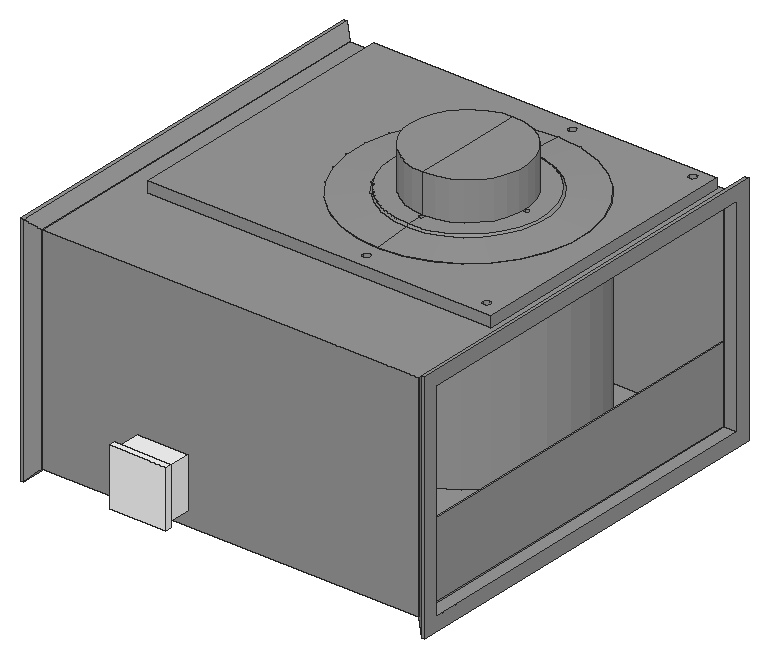
Revit family "RKB 600X350 E3 EC_7480104", category Mechanical Equipment, Revit 2014
Parameters (values of type "RBK 600X350 E3 EC")
  Wiring diagram = "4040147"
  Width = 642 mm
  Weight = 30.20 kg
  Voltage range = "380-480 V"
  Voltage = 400 V
  Speed = "2500 rpm"
  Sound pressure level at 3 m = "70 dB(A)"
  Power = 1220 W
  Phase = 3
  Max. temperature of transported air when speed controlled = 60 °C
  Max. temperature of transported air = 60 °C
  Main Material = Steel, Galvanized
  Height = 441 mm
  Frequency = 50 Hz
  Elevation [instance] = 2600 mm
  Description = "UNINSULATED DUCT FANS WITH RECTANGULAR CONNECTIONS"
  Depth = 643 mm
  Current = 1.91 A
  Connector Height = 350 mm
  Connector Width = 600 mm
  Capacitor = "- μF"
Reference planes
  plane 1 "Center (Front/Back)": y = 0
  plane 2: z = 0
  plane 3 "Center (Left/Right)": x = 0
  plane 4: x = -321
  plane 5: x = 321
  plane 6: y = 321.5
  plane 7: y = -321.5
  plane 8: z = 2600
  plane 9: z = 3041
Dimensions and locks
  equal spacing: plane 4, plane 3 "Center (Left/Right)", plane 5
  "Width": plane 4 to plane 5
  equal spacing: plane 6, plane 1 "Center (Front/Back)", plane 7
  "Depth": plane 6 to plane 7
  "Elevation": plane 8 to level
  "Height": plane 9 to plane 8
  aligned and locked: level to plane 2
  aligned and locked: nested 1 to plane 1 "Center (Front/Back)"
  aligned and locked: plane 1 "Center (Front/Back)" to nested 2
  aligned and locked: plane 3 "Center (Left/Right)" to nested 2
  aligned and locked: nested 2 to plane 8
  aligned and locked: plane 3 "Center (Left/Right)" to nested 1
Nested families
  nested 1: "Flow direction symbol" at (0, 0, 0), type "Flow direction symbol"
  nested 2: "RKB" at (0, 0, 2600), type "RKB"
Connectors
  electrical at (-107.218, -355.269, 2679), driven by "Phase", driven by "Voltage", driven by "Power"
    settings: on nested 2, index 3, voltage 400 V, apparent load 0 VA, apparent load phase1 1220 VA, apparent load phase2 0 VA, apparent load phase3 0 VA, power factor 1, load classification "HVAC", number of poles 3, system type 31, power factor state 1, is connector primary yes, connector utility no, sub classification motor no, connector description ""
  hvac at (-321, 0, 2786.5), driven by "Connector Height", driven by "Connector Width"
    settings: on nested 2, index 4, duct flow 0.0 L/s, flow factor 0, pres drop 0.0 Pa, loss coef 0, conn angle 0.00°, conn width 600 mm, conn height 350 mm, conn diameter 609.6 mm, duct sys type 1, conn prof type 1, flow config 0, flow direction 1, loss method 0, conn ref index -1, conn util no, is conn primary yes, conn desc ""
  hvac at (299.769, 0, 2786.5), driven by "Connector Height", driven by "Connector Width"
    settings: on nested 2, index 5, duct flow 0.0 L/s, flow factor 0, pres drop 0.0 Pa, loss coef 0, conn angle 0.00°, conn width 600 mm, conn height 350 mm, conn diameter 609.6 mm, duct sys type 3, conn prof type 1, flow config 0, flow direction 2, loss method 0, conn ref index -1, conn util no, is conn primary no, conn desc ""
Definition of nested family "RKB"
  Parameters (values of type "RKB")
    Width = 642 mm
    Main Material = Steel, Galvanized
    Height = 441 mm
    Description = ""
    Depth = 643 mm
    Connector Width = 600 mm
    Connector Heigth = 350 mm
  Reference planes
    plane 1 "Center (Front/Back)": y = 0
    plane 2: z = 0
    plane 3 "Center (Left/Right)": x = 0
    plane 4: x = -321
    plane 5: x = 321
    plane 6: y = 321.5
    plane 7: y = -321.5
    plane 8: z = 373
    plane 9: z = 119
    plane 10: x = -107.218
    plane 11: z = 186.5
    plane 12: z = 361.5
    plane 13: z = 11.5
    plane 14: y = 300
    plane 15: y = -300
    plane 16: z = 61.5
    plane 17: y = 24.017
    plane 18: z = 441
    plane 19: x = 71.904
    plane 20: y = 76.712
  Forms (mm)
    Sweep 1, solid, material "Steel, Galvanized" <- "Main Material", detail levels medium+fine
      path origin (-321, 864.407, 1200) x (0, 1, 0) y (0, 0, 1)
        loop
          line (-542.907, -1200) -> (-542.907, -827) -> (-1185.907, -827) -> (-1185.907, -1200) -> (-542.907, -1200)
      profile origin (-321, 321.5, 186.5) x (0, -1, 0) y (1, 0, 0)
        loop
          line (22.203, 21.231) -> (16.231, 21.231) -> (0, 5) -> (0, 0) -> (22.203, 0) -> (22.203, 21.231)
    Sweep 2, solid, material "Steel, Galvanized" <- "Main Material", detail levels medium+fine
      path origin (321, 864.407, 1200) x (0, 1, 0) y (0, 0, 1)
        loop
          line (-542.907, -1200) -> (-542.907, -827) -> (-1185.907, -827) -> (-1185.907, -1200) -> (-542.907, -1200)
      profile origin (321, 321.5, 186.5) x (0, -1, 0) y (1, 0, 0)
        loop
          line (22.203, -21.231) -> (22.203, 0) -> (0, 0) -> (0, -5) -> (16.231, -21.231) -> (22.203, -21.231)
    Revolve 3, solid, material "Steel, Galvanized" <- "Main Material", detail levels medium+fine
      sketch origin (71.904, 56.739, 1332.69) x (0, -1, 0) y (0, 0, 1)
        loop
          line (-19.973, -1281.823) -> (-19.973, -891.69) -> (-109.466, -891.69) -> (-109.466, -952.69) -> (-138.798, -952.69) -> (-141.725, -955.617) -> (-199.973, -959.69) -> (-199.973, -1281.823) -> (-19.973, -1281.823)
        axis (-19.973, -891.69) -> (-19.973, -1281.823)
      angle from 0 to 360
    Sweep 4, void
      path origin (43.109, 35, 1200) x (-1, 0, 0) y (0, 0, 1)
        loop
          line (-10.677, -934.203) -> (-10.677, -624.203)
      profile origin (53.785, 35, 420.797) x (1, 0, 0) y (0, 1, 0)
        loop
          circle (211.598, 246.202) r 6
        loop
          circle (20.259, 245.988) r 6
        loop
          circle (19.596, 136.159) r 4
        loop
          circle (19.596, -52.735) r 4
        loop
          circle (112.56, 40.128) r 4
        loop
          circle (-76.322, 40.128) r 4
        loop
          circle (211.598, -162.778) r 6
        loop
          circle (20.259, -162.564) r 6
    Sweep 5, solid, material "Steel, Galvanized" <- "Main Material", detail levels coarse
      path origin (0, 0, 0) x (1, 0, 0) y (0, 1, 0)
        loop
          line (-321, 0) -> (321, 0)
      profile origin (0, 0, 0) x (0, 1, 0) y (0, 0, 1)
        loop
          line (321.5, 441) -> (-321.5, 441) -> (-321.5, 0) -> (321.5, 0) -> (321.5, 441)
    Sweep 6, solid, material "Steel, Galvanized" <- "Main Material", detail levels medium+fine
      path origin (0, 0, 0) x (0, 1, 0) y (0, 0, 1)
        loop
          line (299.297, 22.203) -> (299.297, 142.203)
      profile origin (0, 299.297, 82.203) x (0, -1, 0) y (1, 0, 0)
        loop
          line (0, -299.769) -> (598.595, -299.769) -> (598.595, -296.769) -> (0, -296.769) -> (0, -299.769)
        loop
          line (0, 299.769) -> (0, 296.769) -> (598.595, 296.769) -> (598.595, 299.769) -> (0, 299.769)
    Sweep 7, solid, material "Plastic", detail levels medium+fine
      path origin (0, 0, 78.041) x (1, 0, 0) y (0, 1, 0)
        loop
          line (-107.218, -305.269) -> (-107.218, -345.269)
      profile origin (-107.218, -325.269, 78.041) x (1, 0, 0) y (0, 0, 1)
        loop
          line (-40, 40.959) -> (-40, -39.041) -> (40, -39.041) -> (40, 40.959) -> (-40, 40.959)
    Sweep 8, solid, material "Plastic", detail levels medium+fine
      path origin (0, 0, -12.5) x (1, 0, 0) y (0, 1, 0)
        loop
          line (-107.218, -345.269) -> (-107.218, -355.269)
      profile origin (-107.218, -350.269, -12.5) x (1, 0, 0) y (0, 0, 1)
        loop
          line (-45, 136.5) -> (-45, 46.5) -> (45, 46.5) -> (45, 136.5) -> (-45, 136.5)
    Extrusion 9, solid, material "Steel, Galvanized" <- "Main Material"
      sketch origin (0, 0, 0) x (0, 1, 0) y (0, 0, 1)
        loop
          line (299.297, 373) -> (-150, 373) -> (-150, 356.769) -> (299.297, 356.769) -> (299.297, 373)
      from -256.386 to 289.349
    Extrusion 10, solid, material "Steel, Galvanized" <- "Main Material"
      sketch origin (0, 0, 0) x (0, 1, 0) y (0, 0, 1)
        loop
          line (305.269, 356.769) -> (-305.269, 356.769) -> (-305.269, 16.231) -> (305.269, 16.231) -> (305.269, 356.769)
        loop
          line (299.297, 350.797) -> (-299.297, 350.797) -> (-299.297, 22.203) -> (299.297, 22.203) -> (299.297, 350.797)
      from -299.769 to 299.769
  Cuts and joins
    joined: Sweep 1, Sweep 2
    Sweep 4 cuts Revolve 3
    Sweep 4 cuts Extrusion 9
  Dimensions and locks
    equal spacing: plane 4, plane 3 "Center (Left/Right)", plane 5
    "Width": plane 4 to plane 5
    equal spacing: plane 6, plane 1 "Center (Front/Back)", plane 7
    "Depth": plane 6 to plane 7
    Sweep 4 sketch curve to plane 8 to Sweep 4 sketch curve = 202.797 mm, 107.203 mm
    locked: Sweep 6 sketch curve to plane 2 at 22.203
    Sweep 6 sketch curve to Sweep 6 sketch curve = 120 mm
    locked: plane 6 to Sweep 6 sketch curve at 22.203  (x2)
    locked: plane 4 to Sweep 6 sketch curve at 21.231
    locked: Sweep 6 sketch curve to Sweep 6 sketch curve at 3  (x2)
    locked: Sweep 6 sketch curve to plane 7 at 22.203  (x2)
    locked: Sweep 6 sketch curve to plane 6 at 22.203
    locked: Sweep 6 sketch curve to plane 5 at 21.231
    Sweep 7 sketch curve to plane 7 to Sweep 7 sketch curve = 16.231 mm, 23.769 mm
    plane 7 to Sweep 8 sketch curve to Sweep 8 sketch curve = 23.769 mm, 10 mm locked
    equal spacing: plane 8, plane 11, plane 2
    "Connector Heigth": plane 12 to plane 13
    equal spacing: plane 12, plane 11, plane 13
    "Connector Width": plane 14 to plane 15
    equal spacing: plane 14, plane 1 "Center (Front/Back)", plane 15
    "Height": plane 18 to level
    aligned and locked: level to plane 2
    aligned and locked: Sweep 1 sketch curve to plane 6
    aligned and locked: plane 7 to Sweep 1 sketch curve
    aligned and locked: plane 2 to Sweep 1 sketch curve
    aligned and locked: Sweep 1 sketch curve to plane 8
    aligned and locked: Sweep 2 sketch curve to plane 8
    aligned and locked: plane 2 to Sweep 2 sketch curve
    aligned and locked: plane 7 to Sweep 2 sketch curve
    aligned and locked: Sweep 2 sketch curve to plane 6
    aligned and locked: plane 1 "Center (Front/Back)" to Sweep 5 sketch curve
    aligned and locked: plane 2 to Sweep 5 sketch curve
    aligned and locked: plane 7 to Sweep 5 sketch curve
    aligned and locked: Sweep 5 sketch curve to plane 6
    aligned and locked: plane 10 to Sweep 7 sketch curve
    aligned and locked: plane 10 to Sweep 8 sketch curve
    aligned and locked: Sweep 5 sketch curve to plane 18
    aligned and locked: Extrusion 10 to cut or joined group of Sweep 1, Sweep 2  (x2)
    aligned and locked: cut or joined group of Sweep 4, Extrusion 9 to Extrusion 10
  Automatic sketch dimensions
    Sweep 1 sketch curve to profile plane = 0 mm
    Sweep 1 sketch curve to plane 4 = 0 mm
    Sweep 1 sketch curve to profile plane = 16.231 mm
    Sweep 1 sketch curve to Sweep 1 sketch curve = 5.972 mm
    plane 4 to Sweep 1 sketch curve = 5 mm
    plane 4 to Sweep 1 sketch curve = 21.231 mm
    Sweep 2 sketch curve to profile plane = 0 mm
    Sweep 2 sketch curve to plane 5 = 0 mm
    Sweep 2 sketch curve to profile plane = 16.231 mm
    Sweep 2 sketch curve to Sweep 2 sketch curve = 5.972 mm
    Sweep 2 sketch curve to Sweep 2 sketch curve = 5 mm
    Sweep 2 sketch curve to Sweep 2 sketch curve = 21.231 mm
    Sweep 5 sketch curve to plane 4 = 0 mm
    Sweep 5 sketch curve to plane 5 = 0 mm
    profile plane to Sweep 8 sketch curve = 45 mm
    Sweep 8 sketch curve to profile plane = 45 mm
    level to Sweep 8 sketch curve = 34 mm
    Sweep 8 sketch curve to Sweep 8 sketch curve = 90 mm
    plane 12 to Extrusion 9 sketch curve = 11.5 mm
    plane 15 to Extrusion 9 sketch curve = 150 mm
    Extrusion 9 sketch curve to plane 14 = 0.703 mm
    Extrusion 9 sketch curve to plane 8 = 16.231 mm
    Extrusion 10 sketch curve to plane 15 = 5.269 mm
    plane 15 to Extrusion 10 sketch curve = 0.703 mm
    Extrusion 10 sketch curve to plane 14 = 0.703 mm
    plane 14 to Extrusion 10 sketch curve = 5.269 mm
    level to Extrusion 10 sketch curve = 16.231 mm
    Extrusion 10 sketch curve to Extrusion 10 sketch curve = 5.972 mm  (x2)
    Extrusion 10 sketch curve to plane 8 = 16.231 mm
    Sweep 4 sketch curve to plane 19 = 18.119 mm
    profile plane to Sweep 7 sketch curve = 40 mm
    Sweep 7 sketch curve to profile plane = 40 mm
    Sweep 7 sketch curve to profile plane = 39.041 mm
    profile plane to Sweep 7 sketch curve = 40.959 mm
    profile plane to Sweep 4 sketch curve = 40.128 mm  (x2)
    profile plane to Sweep 4 sketch curve = 76.322 mm
    Sweep 4 sketch curve to profile plane = 19.596 mm  (x2)
    Sweep 4 sketch curve to profile plane = 20.259 mm  (x2)
    Sweep 4 sketch curve to Sweep 4 sketch curve = 191.339 mm  (x2)
    Sweep 4 sketch curve to profile plane = 52.735 mm
    Sweep 4 sketch curve to Sweep 4 sketch curve = 109.83 mm  (x2)
    Sweep 4 sketch curve to profile plane = 162.778 mm
    Sweep 4 sketch curve to Sweep 4 sketch curve = 0.214 mm
    Sweep 4 sketch curve to profile plane = 112.56 mm
    profile plane to Sweep 4 sketch curve = 136.159 mm
    Revolve 3 sketch curve to plane 8 = 0 mm
    Revolve 3 sketch curve to plane 18 = 0 mm  (x2)
    Revolve 3 sketch curve to plane 20 = 0 mm  (x2)
    plane 20 to Revolve 3 sketch curve = 89.494 mm
    plane 8 to Revolve 3 sketch curve = 4.073 mm
    Revolve 3 sketch curve to Revolve 3 sketch curve = 32.259 mm
    plane 16 to Revolve 3 sketch curve = 10.633 mm
    Revolve 3 sketch curve to plane 14 = 43.288 mm
    plane 8 to Revolve 3 sketch curve = 7 mm
    Revolve 3 sketch curve to Revolve 3 sketch curve = 2.927 mm
    plane 11 to Revolve 3 sketch curve = 3.892 mm
    radius of Sweep 4 sketch curve = 6 mm  (x4)
    radius of Sweep 4 sketch curve = 4 mm  (x4)
Definition of nested family "Flow direction symbol"
  Parameters (values of type "Flow direction symbol")
    Warning = "!"
    Text = "DIMENSIONS OVERCONSTRAINT"
  Reference planes
    plane 1: y = 0
    plane 2: x = 0
  Lines and regions (mm)
    detail lines
      curve 1: line (-0.506, 0.877, 0) -> (-0.506, -0.877, 0)
      curve 2: line (1.012, 0, 0) -> (-0.506, -0.877, 0)
      curve 3: line (-0.506, 0.877, 0) -> (1.012, 0, 0)
      curve 4: circle (0, 0, 0) r 1 normal (0, 0, 1)
